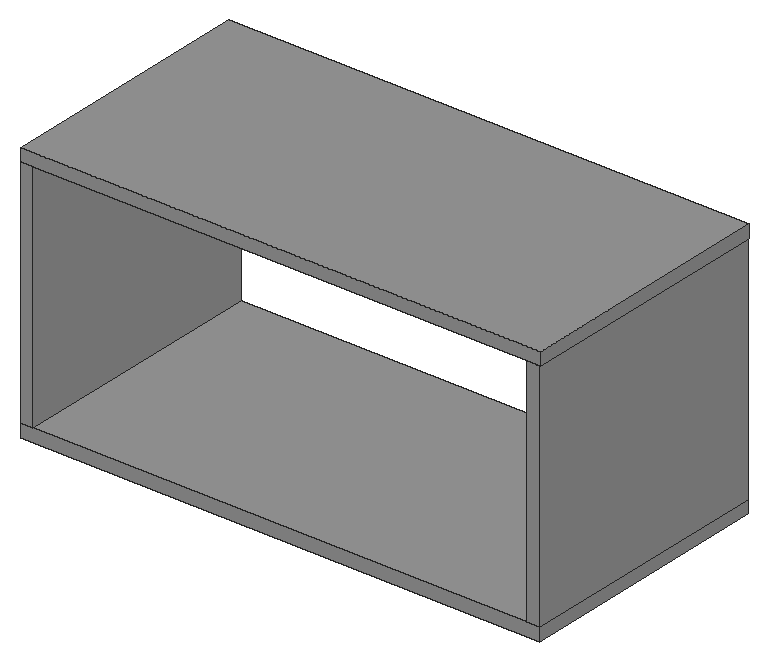
Revit family "АВЛН_Полка наесная", category Мебель, Revit 2019
Family settings
  Номер OmniClass = 23.40.20.00
  Заголовок OmniClass = General Furniture and Specialties
  На основе рабочей плоскости = Да
  Всегда вертикально = Да
  При загрузке вырезать с полостями = Нет
  Общий = Нет
  Точка расчета площади = Нет
Parameters (values of type "Полка 800х400х400")
  Default Elevation = 1219.2 mm
  Описание = "Полка 800х400х400;"
  Type Comments = ""
  Keynote = ""
  Manufacturer = ""
  Группа модели = "Оборудование основных помещений школы"
  ADSK_Размер_Ширина = 400 mm
  ADSK_Размер_Длина = 800 mm
  ADSK_Размер_Высота = 400 mm
  ADSK_Обозначение = ""
  ADSK_Масса = 0
  ADSK_Код изделия = ""
  ADSK_Единица измерения = "шт"  # constant formula
Reference planes
  plane 1 "По центру (Вперед/Назад)": y = 0
  plane 2: z = 0
  plane 3 "По центру (Влево/Вправо)": x = 0
  plane 4: z = 400
  plane 5: y = 200
  plane 6: x = 400
  plane 7: x = -400
  plane 8: y = -200
Forms (mm)
  Extrusion 1, solid, material "Деревянная обшивка, ДСП"
    sketch origin (0, -518.993, 609.03) x (-1, 0, 0) y (0, -1, 0)
      loop
        line (400, -718.993) -> (400, -318.993) -> (-400, -318.993) -> (-400, -718.993) -> (400, -718.993)
    from -229.03 to -209.03
  Extrusion 2, solid, material "Деревянная обшивка, ДСП"
    sketch origin (0, -518.993, 212.976) x (-1, 0, 0) y (0, -1, 0)
      loop
        line (400, -718.993) -> (400, -318.993) -> (-400, -318.993) -> (-400, -718.993) -> (400, -718.993)
    from -212.976 to -192.976
  Extrusion 3, solid, material "Деревянная обшивка, ДСП"
    sketch origin (0, 0, 0) x (1, 0, 0) y (0, 0, 1)
      loop
        line (-400, 380) -> (-400, 20) -> (-380, 20) -> (-380, 380) -> (-400, 380)
      loop
        line (400, 380) -> (380, 380) -> (380, 20) -> (400, 20) -> (400, 380)
    from -200 to 200
Dimensions and locks
  plane 2 to plane 4 = 400 mm
  equal spacing: plane 8, plane 1 "По центру (Вперед/Назад)", plane 5
  equal spacing: plane 7, plane 3 "По центру (Влево/Вправо)", plane 6
  "ADSK_Размер_Длина": plane 7 to plane 6
  "ADSK_Размер_Ширина": plane 5 to plane 8
  "ADSK_Размер_Высота": plane 2 to plane 4
  locked: level to Extrusion 2 at 20
  locked: Extrusion 1 to plane 4 at 20
  locked: Extrusion 3 sketch curve to plane 7 at 20
  locked: plane 6 to Extrusion 3 sketch curve at 20
  aligned and locked: level to plane 2
  aligned and locked: Extrusion 1 sketch curve to plane 5
  aligned and locked: plane 7 to Extrusion 1 sketch curve
  aligned and locked: Extrusion 1 sketch curve to plane 8
  aligned and locked: Extrusion 1 sketch curve to plane 6
  aligned and locked: plane 4 to Extrusion 1
  aligned and locked: Extrusion 2 to level
  aligned and locked: Extrusion 3 sketch curve to Extrusion 1  (x4)
  aligned and locked: Extrusion 2 to Extrusion 3 sketch curve
  aligned and locked: Extrusion 3 sketch curve to Extrusion 2
  aligned and locked: Extrusion 3 to plane 5
  aligned and locked: Extrusion 3 to plane 8
Automatic sketch dimensions
  Extrusion 2 sketch curve to plane 5 = 0 mm
  Extrusion 2 sketch curve to plane 6 = 0 mm
  Extrusion 2 sketch curve to plane 7 = 0 mm
  Extrusion 2 sketch curve to plane 8 = 0 mm
